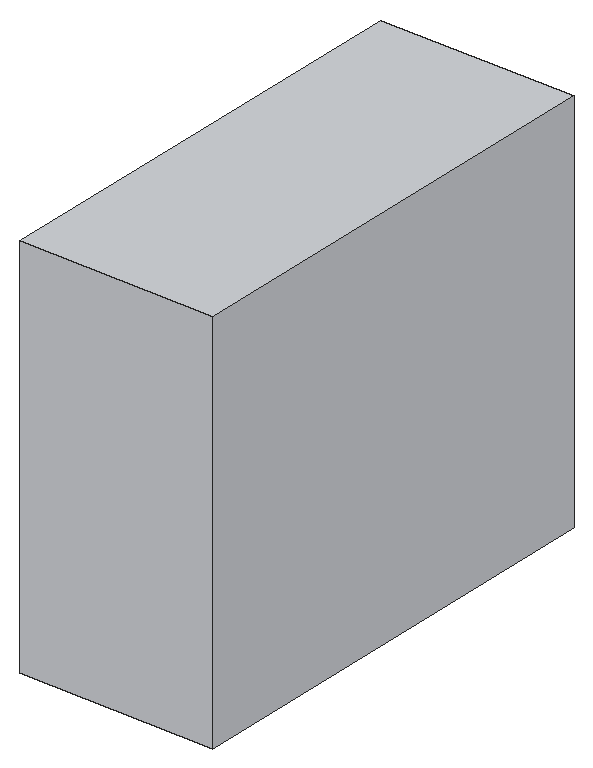
Revit family "Box", category Specialty Equipment, Revit 2022
Family settings
  Round Connector Dimension = Use Diameter
  Part Type = Normal
  Work Plane-Based = No
  Always vertical = Yes
  Cut with Voids When Loaded = No
  Maintain Annotation Orientation = No
  Shared = No
  Room Calculation Point = No
Parameters (values of type "36"x84"x72"")
  Width [instance] = 7' - 0"
  Height = 6' - 0"
  Length [instance] = 3' - 0"
  Default Elevation = 0' - 0"
Types (7): name | Width | Height | Length
  36"x84"x72" | 7' - 0" | 6' - 0" | 3' - 0"
  32"x32"x36" | 2' - 8" | 3' - 0" | 2' - 8"
  30"x26"x36" | 2' - 6" | 3' - 0" | 2' - 2"
  38"x56"x72" | 4' - 8" | 6' - 0" | 3' - 2"
  20"x20"x36" | 1' - 8" | 3' - 0" | 1' - 8"
  24"x60"x36" | 5' - 0" | 3' - 0" | 2' - 6"
  84"x22"x36" | 1' - 10" | 3' - 0" | 7' - 0"
Reference planes (in)
  plane 1 "Center (Front/Back)": y = 0
  plane 2: z = 0
  plane 3 "Center (Left/Right)": x = 0
  plane 4: y = 42
  plane 5: y = -42
  plane 6: x = 18
  plane 7: x = -18
Forms (in)
  Extrusion 1, solid
    sketch origin (-6, -26, 0) x (1, 0, 0) y (0, 1, 0)
      loop
        line (-12, -16) -> (24, -16) -> (24, 68) -> (-12, 68) -> (-12, -16)
    from 0 to 72
Dimensions and locks (in)
  "Length": plane 7 to plane 6
  "Width": plane 4 to plane 5
  "Height": Extrusion 1 to Extrusion 1
  equal spacing: plane 7, plane 3 "Center (Left/Right)", plane 6
  equal spacing: plane 4, plane 1 "Center (Front/Back)", plane 5
  aligned and locked: level to plane 2
Automatic sketch dimensions
  Extrusion 1 sketch curve to plane 3 "Center (Left/Right)" = 1' - 6"
  plane 3 "Center (Left/Right)" to Extrusion 1 sketch curve = 1' - 6"
  plane 1 "Center (Front/Back)" to Extrusion 1 sketch curve = 3' - 6"
  Extrusion 1 sketch curve to plane 1 "Center (Front/Back)" = 3' - 6"
